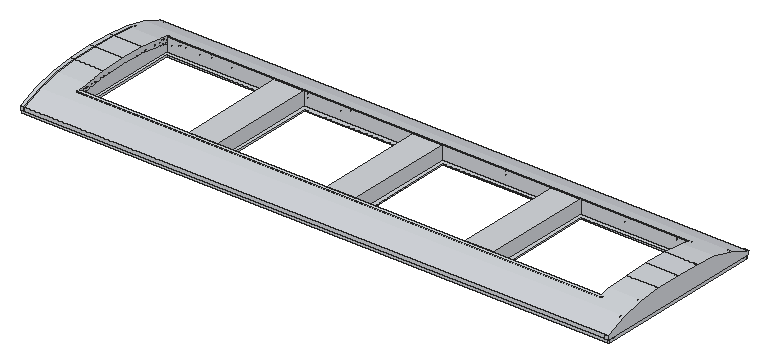
Revit family "Gira_0214738", category Electrical Fixtures, host Face, Revit 2017
Family settings
  Host = Face
  Maintain Annotation Orientation = No
  Round Connector Dimension = Use Diameter
  Part Type = Normal
  Cut with Voids When Loaded = No
  Shared = No
  Room Calculation Point = No
Parameters (values of type "Abdeckrahmen 4f Zwischenr. AN Gira Event Klar Schwarz")
  Werkstoffgüte = "Thermoplast"
  Werkstoff = "Kunststoff"
  URL = "http://katalog.gira.de/de_DE/datenblatt.html?artikelnr=0214738"
  Transparent = "No"
  Textfeld/Beschriftungsfläche = "No"
  Schutzart (IP) = "IP20"
  Region = "DE"
  Oberfläche = "sonstige"
  Name = "Abdeckrahmen 4f Zwischenr. AN Gira Event Klar Schwarz"
  Montagerichtung = "horizontal und vertikal"
  Mit Montagerahmen = "No"
  Mit Klappdeckel = "No"
  Manufacturer URL = "https://www.gira.de/"
  Keynote = "Event_Rahmen_4fach"
  HeinzeBIM = "https://bimportal.heinze.de/bim/abdeckrahmen-4f-zwischenr-an-gira-event-klar-schwarz/66736d06549e1a638510be78d8e0a557247189fb"
  Halogenfrei = "Yes"
  HAN = "0214738"
  Geeignet für Unterputz-Installation = "No"
  Geeignet für Unterflurkanaldose = "No"
  Geeignet für Geräteeinbaukanal = "No"
  Geeignet für Einbauinstallation = "No"
  GTIN = "4010337068938"
  Farbe = "schwarz"
  Default Elevation = 1219.2 mm
  Data sheet (1) = "https://katalog.gira.de/de_DE/download.html?artikelnr=0214738"
  Category = "Abdeckrahmen"
  Befestigungsart = "Klemmbefestigung"
  Available = "Yes"
  Ausführung der Oberfläche = "glänzend"
  Anzahl der Einheiten vertikal = "4 "
  Anzahl der Einheiten horizontal = "4 "
  Anzahl der Einheiten = "4 "
Reference planes
  plane 1 "Center (Front/Back)": y = 0
  plane 2: z = 0
  plane 3 "Center (Left/Right)": x = 0
Forms (mm)
  Extrusion 1, solid, detail levels fine
    sketch origin (0, 0, 0.05) x (0, 1, 0) y (0, 0, 1)
      loop
        arc (12.445, 9.683) -> (6.223, 9.833) -> (0, 9.85) r 291.636
        arc (0, 9.85) -> (-6.223, 9.833) -> (-12.445, 9.683) r 291.636
        arc (-12.445, 9.683) -> (-29.14, 7.482) -> (-45, 1.823) r 79.728
        line (-45, 1.823) -> (-45, -0.05) -> (-42.086, -0.05)
        arc (-42.086, -0.05) -> (-21.385, 5.559) -> (0, 7.206) r 114.424
        arc (0, 7.206) -> (21.385, 5.559) -> (42.086, -0.05) r 114.424
        line (42.086, -0.05) -> (45, -0.05) -> (45, 1.823)
        arc (45, 1.823) -> (29.14, 7.482) -> (12.445, 9.683) r 79.728
    from -151.95 to 151.935
  Extrusion 2, void, detail levels fine
    sketch origin (0, 0, 0) x (1, 0, 0) y (0, 1, 0)
      loop
        line (134.95, 28.035) -> (-134.95, 28.035) -> (-134.95, -28.035) -> (134.95, -28.035) -> (134.95, 28.035)
    from 0.724 to 11
  Extrusion 3, solid, detail levels coarse
    sketch origin (0, 0, 0) x (1, 0, 0) y (0, 1, 0)
      loop
        line (-151.95, 45) -> (-151.95, -45) -> (151.935, -45) -> (151.935, 45) -> (-151.95, 45)
    from -1.5 to 9.9
  Extrusion 4, solid, detail levels medium
    sketch origin (0, 0, 0.05) x (0, 1, 0) y (0, 0, 1)
      loop
        arc (12.445, 9.683) -> (6.223, 9.833) -> (0, 9.85) r 291.636
        arc (0, 9.85) -> (-6.223, 9.833) -> (-12.445, 9.683) r 291.636
        arc (-12.445, 9.683) -> (-29.14, 7.482) -> (-45, 1.823) r 79.728
        line (-45, 1.823) -> (-45, -0.05) -> (45, -0.05) -> (45, 1.823)
        arc (45, 1.823) -> (29.14, 7.482) -> (12.445, 9.683) r 79.728
    from -151.95 to 151.935
  Extrusion 5, solid, detail levels fine
    sketch origin (-106.95, 0, -1.5) x (0, 1, 0) y (0, 0, -1)
      loop
        line (45, -3.373) -> (45, -1.5) -> (-45, -1.5) -> (-45, -3.373)
        arc (-45, -3.373) -> (-29.14, -9.032) -> (-12.445, -11.233) r 79.728
        arc (-12.445, -11.233) -> (-6.223, -11.383) -> (0, -11.4) r 291.636
        arc (0, -11.4) -> (6.223, -11.383) -> (12.445, -11.233) r 291.636
        arc (12.445, -11.233) -> (29.14, -9.032) -> (45, -3.373) r 79.728
    from 43 to 45
  Extrusion 6, solid, detail levels fine
    sketch origin (0, 0, 0) x (1, 0, 0) y (0, 1, 0)
      loop
        line (-132.85, 25.7) -> (-132.85, -25.7) -> (-81.05, -25.7) -> (-81.05, 25.7) -> (-132.85, 25.7)
      loop
        line (-9.755, -25.7) -> (-9.755, 25.7) -> (-61.555, 25.7) -> (-61.555, -25.7) -> (-9.755, -25.7)
      loop
        line (-135.845, 28.49) -> (-135.845, -28.495)
        spline (-135.845, -28.495) -> (-135.836, -28.625) -> (-135.811, -28.754) -> (-135.769, -28.878) -> (-135.711, -28.995) -> (-135.638, -29.104) -> (-135.552, -29.202) -> (-135.454, -29.288) -> (-135.345, -29.361) -> (-135.228, -29.419) -> (-135.104, -29.461) -> (-134.975, -29.486) -> (-134.845, -29.495)
        line (-134.845, -29.495) -> (134.845, -29.495)
        spline (134.845, -29.495) -> (134.975, -29.486) -> (135.104, -29.461) -> (135.228, -29.419) -> (135.345, -29.361) -> (135.454, -29.288) -> (135.552, -29.202) -> (135.638, -29.104) -> (135.711, -28.995) -> (135.769, -28.878) -> (135.811, -28.754) -> (135.836, -28.625) -> (135.845, -28.495)
        line (135.845, -28.495) -> (135.845, 28.49)
        spline (135.845, 28.49) -> (135.836, 28.62) -> (135.811, 28.748) -> (135.769, 28.872) -> (135.711, 28.99) -> (135.638, 29.098) -> (135.552, 29.197) -> (135.454, 29.283) -> (135.345, 29.356) -> (135.228, 29.413) -> (135.104, 29.456) -> (134.975, 29.481) -> (134.845, 29.49)
        line (134.845, 29.49) -> (-134.845, 29.49)
        spline (-134.845, 29.49) -> (-134.975, 29.481) -> (-135.104, 29.456) -> (-135.228, 29.413) -> (-135.345, 29.356) -> (-135.454, 29.283) -> (-135.552, 29.197) -> (-135.638, 29.098) -> (-135.711, 28.99) -> (-135.769, 28.872) -> (-135.811, 28.748) -> (-135.836, 28.62) -> (-135.845, 28.49)
      loop
        line (61.545, -25.7) -> (61.545, 25.7) -> (9.745, 25.7) -> (9.745, -25.7) -> (61.545, -25.7)
      loop
        line (132.85, -25.7) -> (132.85, 25.7) -> (81.05, 25.7) -> (81.05, -25.7) -> (132.85, -25.7)
    from 0.1 to 7.3
  Extrusion 7, solid
    sketch origin (0, 0, 0) x (1, 0, 0) y (0, 1, 0)
      loop
        arc (-151.65, -44.218) -> (-151.504, -44.572) -> (-151.15, -44.718) r 0.5
        line (-151.15, -44.718) -> (151.15, -44.718)
        arc (151.15, -44.718) -> (151.504, -44.572) -> (151.65, -44.218) r 0.5
        line (151.65, -44.218) -> (151.65, 44.182)
        arc (151.65, 44.182) -> (151.504, 44.535) -> (151.15, 44.682) r 0.5
        line (151.15, 44.682) -> (-151.15, 44.682)
        arc (-151.15, 44.682) -> (-151.504, 44.535) -> (-151.65, 44.182) r 0.5
        line (-151.65, 44.182) -> (-151.65, -44.218)
      loop
        line (-149.95, 42.982) -> (-149.95, -43.018) -> (149.95, -43.018) -> (149.95, 42.982) -> (-149.95, 42.982)
    from -1.5 to 0.5
  Extrusion 8, solid, detail levels fine
    sketch origin (106.935, 0, -1.5) x (0, 1, 0) y (0, 0, 1)
      loop
        arc (45, 3.373) -> (29.14, 9.032) -> (12.445, 11.233) r 79.728
        arc (12.445, 11.233) -> (6.223, 11.383) -> (0, 11.4) r 291.636
        arc (0, 11.4) -> (-6.223, 11.383) -> (-12.445, 11.233) r 291.636
        arc (-12.445, 11.233) -> (-29.14, 9.032) -> (-45, 3.373) r 79.728
        line (-45, 3.373) -> (-45, 1.5) -> (45, 1.5) -> (45, 3.373)
    from 43 to 45
  Extrusion 9, solid, detail levels medium
    sketch origin (0, 0, 0) x (1, 0, 0) y (0, 1, 0)
      loop
        line (-151.65, -44.718) -> (151.65, -44.718) -> (151.65, 44.682) -> (-151.65, 44.682) -> (-151.65, -44.718)
    from -1.5 to 0.5
  Extrusion 10, solid, detail levels fine
    sketch origin (-69.857, 0, 0) x (1, 0, 0) y (0, 1, 0)
      loop
        line (-8.943, 28.063) -> (-8.943, -27.937) -> (6.057, -27.937) -> (6.057, 28.063) -> (-8.943, 28.063)
    from 0.724 to 7.566
  Extrusion 11, solid, detail levels fine
    sketch origin (-1.443, 0, 0) x (-1, 0, 0) y (0, -1, 0)
      loop
        line (-8.943, -28.063) -> (6.057, -28.063) -> (6.057, 27.937) -> (-8.943, 27.937) -> (-8.943, -28.063)
    from 0.724 to 7.566
  Extrusion 12, solid, detail levels fine
    sketch origin (69.857, 0, 0) x (-1, 0, 0) y (0, -1, 0)
      loop
        line (-8.943, -28.063) -> (6.057, -28.063) -> (6.057, 27.937) -> (-8.943, 27.937) -> (-8.943, -28.063)
    from 0.724 to 7.566
Cuts and joins
  Extrusion 2 cuts Extrusion 1
  Extrusion 2 cuts Extrusion 6
Dimensions and locks
  aligned and locked: plane 2 to host face
  aligned and locked: level to host face
